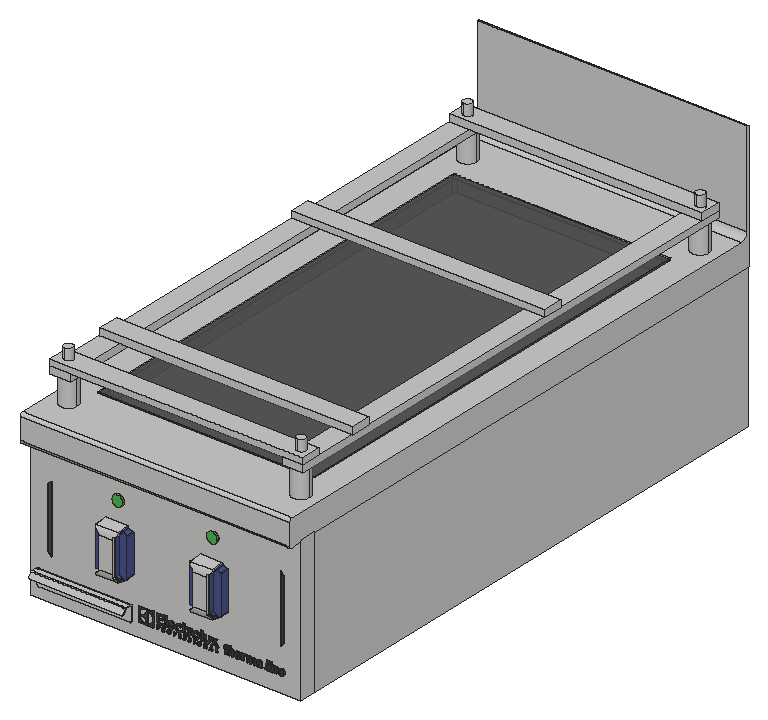
Revit family "QF_ELECTROLUXPROFESSIONAL_588493_HBIBBBDODM", category Specialty Equipment, Revit 2023 (continued)
Definition of nested family "ELX_ThermaLine_Small"
  Forms (mm)
    Extrusion 2, solid
      sketch origin (0, 0, 0) x (1, 0, 0) y (0, 1, 0)
        loop
          arc (-11.637, -0.185) -> (-10.644, 0.972) -> (-9.132, 0.776) r 1.603
          line (-9.132, 0.776) -> (-8.419, 2.846)
          arc (-8.419, 2.846) -> (-10.432, 3.118) -> (-11.994, 1.821) r 2.527
          line (-11.994, 1.821) -> (-11.994, 3.094) -> (-14.165, 3.094) -> (-14.165, -5.848)
        loop
          line (-7.579, 3.094) -> (-7.579, -5.848) -> (-5.178, -5.848) -> (-5.178, -0.756)
          arc (-5.178, -0.756) -> (-4.727, 0.679) -> (-3.417, 1.419) r 2.05
          arc (-3.417, 1.419) -> (-2.499, 0.908) -> (-2.155, -0.085) r 1.471
          line (-2.155, -0.085) -> (-2.155, -5.848) -> (0.23, -5.848) -> (0.23, -1.001)
          arc (0.23, -1.001) -> (0.47, 0.127) -> (1.148, 1.061) r 2.775
          arc (1.148, 1.061) -> (2.225, 1.329) -> (3.05, 0.587) r 1.182
          arc (3.05, 0.587) -> (3.199, -0.019) -> (3.214, -0.642) r 2.894
          line (3.214, -0.642) -> (3.214, -5.848) -> (5.601, -5.848) -> (5.601, 0.261)
          arc (5.601, 0.261) -> (4.87, 2.263) -> (2.976, 3.241) r 2.932
          arc (2.976, 3.241) -> (1.284, 2.973) -> (-0.047, 1.896) r 3.309
          arc (-0.047, 1.896) -> (-1.116, 2.865) -> (-2.506, 3.258) r 3.16
          arc (-2.506, 3.258) -> (-4.105, 2.942) -> (-5.376, 1.92) r 3.419
          line (-5.376, 1.92) -> (-5.376, 3.094) -> (-7.579, 3.094)
        loop
          line (7.583, 0.738) -> (9.702, 0.364)
          arc (9.702, 0.364) -> (11.441, 1.492) -> (12.855, -0.023) r 1.613
          line (12.855, -0.023) -> (9.782, -0.789)
          arc (9.782, -0.789) -> (8.559, -1.346) -> (7.617, -2.305) r 3.687
          arc (7.617, -2.305) -> (7.499, -3.681) -> (7.901, -5.003) r 3.651
          arc (7.901, -5.003) -> (9.107, -5.766) -> (10.515, -6.006) r 3.635
          arc (10.515, -6.006) -> (11.898, -5.697) -> (13.067, -4.895) r 3.734
          line (13.067, -4.895) -> (13.376, -5.848) -> (15.75, -5.848) -> (15.212, -4.193) -> (15.212, 0.38)
          arc (15.212, 0.38) -> (14.897, 1.849) -> (13.818, 2.895) r 2.585
          arc (13.818, 2.895) -> (11.792, 3.442) -> (9.719, 3.11) r 5.005
          arc (9.719, 3.11) -> (8.369, 2.178) -> (7.583, 0.738) r 3.54
        loop
          line (19.723, -5.848) -> (22.233, -5.848) -> (24.854, 6.484) -> (22.345, 6.484) -> (19.723, -5.848)
        loop
          line (24.583, -5.848) -> (26.953, -5.848) -> (28.848, 3.066) -> (26.478, 3.066) -> (24.583, -5.848)
        loop
          line (27.204, 6.484) -> (26.741, 4.305) -> (29.111, 4.305) -> (29.575, 6.484) -> (27.204, 6.484)
        loop
          line (29.355, -5.848) -> (31.849, -5.848) -> (33.098, 0.028)
          arc (33.098, 0.028) -> (34.169, 1.306) -> (35.832, 1.422) r 2.132
          arc (35.832, 1.422) -> (36.324, 0.752) -> (36.383, -0.078) r 1.5
          line (36.383, -0.078) -> (35.157, -5.848) -> (37.536, -5.848) -> (38.936, 0.738)
          arc (38.936, 0.738) -> (38.775, 2.091) -> (37.825, 3.066) r 2.118
          arc (37.825, 3.066) -> (35.392, 3.175) -> (33.295, 1.937) r 4.271
          line (33.295, 1.937) -> (33.535, 3.066) -> (31.25, 3.066) -> (29.355, -5.848)
        loop
          line (42.792, -0.64) -> (46.589, -0.64)
          arc (46.589, -0.64) -> (46.639, 0.124) -> (46.327, 0.823) r 1.589
          arc (46.327, 0.823) -> (45.117, 1.521) -> (43.762, 1.183) r 1.865
          arc (43.762, 1.183) -> (43.141, 0.344) -> (42.792, -0.64) r 3.538
        loop
          line (42.565, -2.138) -> (48.593, -2.138)
          arc (48.593, -2.138) -> (48.58, 0.597) -> (46.983, 2.818) r 4.494
          arc (46.983, 2.818) -> (44.191, 3.28) -> (41.725, 1.891) r 4.26
          arc (41.725, 1.891) -> (40.503, -0.3) -> (40.284, -2.799) r 6.003
          arc (40.284, -2.799) -> (40.959, -4.468) -> (42.377, -5.576) r 3.482
          arc (42.377, -5.576) -> (44.265, -5.961) -> (46.152, -5.576) r 4.823
          arc (46.152, -5.576) -> (47.432, -4.731) -> (48.328, -3.485) r 4.245
          line (48.328, -3.485) -> (46.168, -3.105)
          arc (46.168, -3.105) -> (45.214, -4.072) -> (43.859, -4.181) r 1.953
          arc (43.859, -4.181) -> (42.821, -3.408) -> (42.565, -2.138) r 1.81
        loop
          line (12.868, -1.553) -> (10.216, -2.214)
          arc (10.216, -2.214) -> (9.747, -3.136) -> (10.216, -4.058) r 1.14
          arc (10.216, -4.058) -> (11.537, -4.249) -> (12.614, -3.46) r 1.763
          arc (12.614, -3.46) -> (12.858, -2.522) -> (12.868, -1.553) r 3.97
      from 0 to 0.8
  Dimensions and locks
    aligned and locked: plane 2 to Extrusion 1
    aligned and locked: level to Extrusion 1
